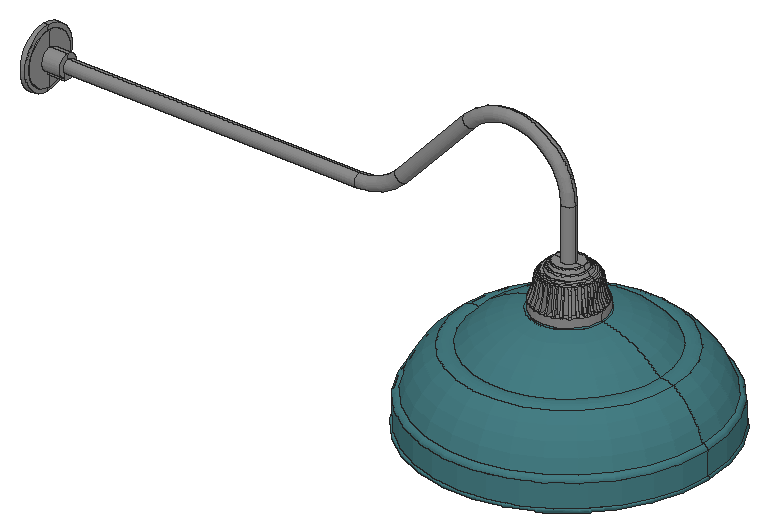
Revit family "Urban Bistro BRU 14,16,18,20,22", category Lighting Fixtures, Revit 2020 (continued)
Definition of nested family "POST MOUNT"
  Automatic sketch dimensions
    profile plane to Sweep 11 sketch curve = 0' - 0"
    Sweep 11 sketch curve to plane 6 = 0' - 0"
    Sweep 11 sketch curve to plane 6 = 0' - 8"
    plane 6 to Sweep 11 sketch curve = 2' - 4 15/16"
    Revolve 12 sketch curve to plane 6 = 0' - 0"
    Revolve 12 sketch curve to plane 6 = 0' - 2 1/4"
    Revolve 12 sketch curve to Revolve 12 sketch curve = 0' - 0 1/2"
    Revolve 12 sketch curve to Revolve 12 sketch curve = 0' - 0"
    radius of Sweep 11 sketch curve = 0' - 0 1/2"
Definition of nested family "BRU14_1"
  Parameters (values of type "BRU14_1")
    Light Elevation [instance] = 4' - 0"
    HUB [instance] = none
    Default Elevation = 0' - 0"
    Body [instance] = none
    BRU14 [instance] = yes
  Reference planes (in)
    plane 1 "Center (Front/Back)": y = 0
    plane 2: z = 0
    plane 3 "Center (Left/Right)": x = 0
    plane 4: z = 48
  Dimensions and locks (in)
    "Light Elevation": plane 4 to plane 2
    aligned and locked: plane 2 to level
    aligned and locked: plane 1 "Center (Front/Back)" to nested 1
    aligned and locked: plane 3 "Center (Left/Right)" to nested 1
    aligned and locked: plane 4 to nested 1
  Nested families (in)
    nested 1: "BRU14" at (0, 0, 38.125), visible <- "BRU14", SHADE <- "Body", HUB <- "HUB", BRU14 <- "BRU14", type "BRU14"
      with SHADE none, HUB none, BRU14 yes
  Definition of nested family "BRU14"
    Parameters (values of type "BRU14")
      SHADE [instance] = none
      HUB [instance] = none
      Default Elevation = 0' - 0"
      BRU14 [instance] = yes
    Reference planes (in)
      plane 1 "Center (Front/Back)": y = 0
      plane 2: z = 0
      plane 3 "Center (Left/Right)": x = 0
      plane 4: z = 9.875
    Forms (in)
      Revolve 1, solid, material <- "HUB"
        sketch origin (0, 0, 0) x (1, 0, 0) y (0, 0, 1)
          loop
            arc (-1.14388, 9.875) -> (-1.15912, 9.87056) -> (-1.16958, 9.85864) r 0.02837
            line (-1.16958, 9.85864) -> (-1.29313, 9.59416) -> (-1.41054, 9.59416)
            arc (-1.41054, 9.59416) -> (-1.45353, 9.58163) -> (-1.48305, 9.54797) r 0.08
            line (-1.48305, 9.54797) -> (-1.59547, 9.30689) -> (-1.79547, 9.30689)
            arc (-1.79547, 9.30689) -> (-1.84894, 9.28639) -> (-1.87501, 9.23539) r 0.08
            arc (-1.87501, 9.23539) -> (-1.89411, 9.17729) -> (-1.93534, 9.13211) r 0.14595
            arc (-1.93534, 9.13211) -> (-1.97647, 9.10191) -> (-2.01677, 9.07061) r 1.89392
            arc (-2.01677, 9.07061) -> (-2.14099, 8.88463) -> (-2.18385, 8.66511) r 0.56845
            arc (-2.18385, 8.66511) -> (-2.3223, 7.96682) -> (-2.5672, 7.29839) r 4.58402
            arc (-2.5672, 7.29839) -> (-2.59166, 7.23933) -> (-2.6, 7.17595) r 0.24491
            line (-2.6, 7.17595) -> (-2.6, 6.55689) -> (-2.28, 6.55689) -> (-2.28, 6.93689) -> (-2, 7.18689) -> (-1.74987, 8.96668)
            arc (-1.74987, 8.96668) -> (-1.66631, 9.12057) -> (-1.5023, 9.18189) r 0.25
            line (-1.5023, 9.18189) -> (-0.3125, 9.18189) -> (-0.3125, 9.875) -> (-1.14388, 9.875)
          axis (0, 9.875) -> (0, 6.55689)
        angle from 0 to 360
      Revolve 2, solid, material <- "SHADE"
        sketch origin (0, 0, 0) x (1, 0, 0) y (0, 0, 1)
          loop
            line (-2.00088, 7.16912) -> (-2.25, 6.92) -> (-2.25, 6.5) -> (-2.57824, 6.5)
            arc (-2.57824, 6.5) -> (-3.69292, 6.15618) -> (-4.66102, 5.50539) r 4
            arc (-4.66102, 5.50539) -> (-5.03878, 5.48866) -> (-5.33776, 5.25715) r 0.625
            arc (-5.33776, 5.25715) -> (-6.1259, 3.81315) -> (-6.59586, 2.23662) r 7.85162
            arc (-6.59586, 2.23662) -> (-6.81036, 2.14498) -> (-6.89438, 1.92738) r 0.3
            line (-6.89438, 1.92738) -> (-6.875, 0.25)
            arc (-6.875, 0.25) -> (-7, 0.125) -> (-6.875, 0) r 0.125
            line (-6.875, 0) -> (-6.77836, 0) -> (-6.80065, 1.92945)
            arc (-6.80065, 1.92945) -> (-6.71404, 2.10471) -> (-6.52005, 2.12896) r 0.20625
            arc (-6.52005, 2.12896) -> (-6.0569, 3.73463) -> (-5.26062, 5.20386) r 7.75787
            arc (-5.26062, 5.20386) -> (-4.98269, 5.40874) -> (-4.63753, 5.39951) r 0.53125
            arc (-4.63753, 5.39951) -> (-3.68, 6.05833) -> (-2.57101, 6.40625) r 3.90625
            line (-2.57101, 6.40625) -> (-2.15625, 6.40625) -> (-2.15625, 6.88117) -> (-1.93458, 7.10283)
            arc (-1.93458, 7.10283) -> (-1.91563, 7.14198) -> (-1.94962, 7.16912) r 0.03485
            line (-1.94962, 7.16912) -> (-2.00088, 7.16912)
          axis (0, 0) -> (0, 7.16912)
        angle from 0 to 360
      Extrusion 3, void
        sketch origin (0, 0, 0) x (1, 0, 0) y (0, 0, 1)
          loop
            arc (0.1562, 8.94175) -> (0, 9.10087) -> (-0.1562, 8.94175) r 0.15622
            arc (-0.1562, 8.94175) -> (-0.16453, 8.05868) -> (-0.1893, 7.17593) r 47.42066
            line (-0.1893, 7.17593) -> (0.1893, 7.17593)
            arc (0.1893, 7.17593) -> (0.16453, 8.05868) -> (0.1562, 8.94175) r 47.42066
        from 2.01546 to 2.60892
      Extrusion 4, void
        sketch origin (0, 0, 0) x (-1, 0, 0) y (0, 0, 1)
          loop
            arc (0.1562, 8.94175) -> (0, 9.10087) -> (-0.1562, 8.94175) r 0.15622
            arc (-0.1562, 8.94175) -> (-0.16453, 8.05868) -> (-0.1893, 7.17593) r 47.42066
            line (-0.1893, 7.17593) -> (0.1893, 7.17593)
            arc (0.1893, 7.17593) -> (0.16453, 8.05868) -> (0.1562, 8.94175) r 47.42066
        from 2.01546 to 2.60892
      Extrusion 5, void
        sketch origin (0, 0, 0) x (0.980785, 0.19509, 0) y (0, 0, 1)
          loop
            arc (0.1562, 8.94175) -> (0, 9.10087) -> (-0.1562, 8.94175) r 0.15622
            arc (-0.1562, 8.94175) -> (-0.16453, 8.05868) -> (-0.1893, 7.17593) r 47.42066
            line (-0.1893, 7.17593) -> (0.1893, 7.17593)
            arc (0.1893, 7.17593) -> (0.16453, 8.05868) -> (0.1562, 8.94175) r 47.42066
        from 2.01546 to 2.60892
      Extrusion 6, void
        sketch origin (0, 0, 0) x (-0.980785, -0.19509, 0) y (0, 0, 1)
          loop
            arc (0.1562, 8.94175) -> (0, 9.10087) -> (-0.1562, 8.94175) r 0.15622
            arc (-0.1562, 8.94175) -> (-0.16453, 8.05868) -> (-0.1893, 7.17593) r 47.42066
            line (-0.1893, 7.17593) -> (0.1893, 7.17593)
            arc (0.1893, 7.17593) -> (0.16453, 8.05868) -> (0.1562, 8.94175) r 47.42066
        from 2.01546 to 2.60892
      Extrusion 7, void
        sketch origin (0, 0, 0) x (0.92388, 0.382683, 0) y (0, 0, 1)
          loop
            arc (0.1562, 8.94175) -> (0, 9.10087) -> (-0.1562, 8.94175) r 0.15622
            arc (-0.1562, 8.94175) -> (-0.16453, 8.05868) -> (-0.1893, 7.17593) r 47.42066
            line (-0.1893, 7.17593) -> (0.1893, 7.17593)
            arc (0.1893, 7.17593) -> (0.16453, 8.05868) -> (0.1562, 8.94175) r 47.42066
        from 2.01546 to 2.60892
      Extrusion 8, void
        sketch origin (0, 0, 0) x (-0.92388, -0.382683, 0) y (0, 0, 1)
          loop
            arc (0.1562, 8.94175) -> (0, 9.10087) -> (-0.1562, 8.94175) r 0.15622
            arc (-0.1562, 8.94175) -> (-0.16453, 8.05868) -> (-0.1893, 7.17593) r 47.42066
            line (-0.1893, 7.17593) -> (0.1893, 7.17593)
            arc (0.1893, 7.17593) -> (0.16453, 8.05868) -> (0.1562, 8.94175) r 47.42066
        from 2.01546 to 2.60892
      Extrusion 9, void
        sketch origin (0, 0, 0) x (0.83147, 0.55557, 0) y (0, 0, 1)
          loop
            arc (0.1562, 8.94175) -> (0, 9.10087) -> (-0.1562, 8.94175) r 0.15622
            arc (-0.1562, 8.94175) -> (-0.16453, 8.05868) -> (-0.1893, 7.17593) r 47.42066
            line (-0.1893, 7.17593) -> (0.1893, 7.17593)
            arc (0.1893, 7.17593) -> (0.16453, 8.05868) -> (0.1562, 8.94175) r 47.42066
        from 2.01546 to 2.60892
      Extrusion 10, void
        sketch origin (0, 0, 0) x (-0.83147, -0.55557, 0) y (0, 0, 1)
          loop
            arc (0.1562, 8.94175) -> (0, 9.10087) -> (-0.1562, 8.94175) r 0.15622
            arc (-0.1562, 8.94175) -> (-0.16453, 8.05868) -> (-0.1893, 7.17593) r 47.42066
            line (-0.1893, 7.17593) -> (0.1893, 7.17593)
            arc (0.1893, 7.17593) -> (0.16453, 8.05868) -> (0.1562, 8.94175) r 47.42066
        from 2.01546 to 2.60892
      Extrusion 11, void
        sketch origin (0, 0, 0) x (0.707107, 0.707107, 0) y (0, 0, 1)
          loop
            arc (0.1562, 8.94175) -> (0, 9.10087) -> (-0.1562, 8.94175) r 0.15622
            arc (-0.1562, 8.94175) -> (-0.16453, 8.05868) -> (-0.1893, 7.17593) r 47.42066
            line (-0.1893, 7.17593) -> (0.1893, 7.17593)
            arc (0.1893, 7.17593) -> (0.16453, 8.05868) -> (0.1562, 8.94175) r 47.42066
        from 2.01546 to 2.60892
      Extrusion 12, void
        sketch origin (0, 0, 0) x (-0.707107, -0.707107, 0) y (0, 0, 1)
          loop
            arc (0.1562, 8.94175) -> (0, 9.10087) -> (-0.1562, 8.94175) r 0.15622
            arc (-0.1562, 8.94175) -> (-0.16453, 8.05868) -> (-0.1893, 7.17593) r 47.42066
            line (-0.1893, 7.17593) -> (0.1893, 7.17593)
            arc (0.1893, 7.17593) -> (0.16453, 8.05868) -> (0.1562, 8.94175) r 47.42066
        from 2.01546 to 2.60892
      Extrusion 13, void
        sketch origin (0, 0, 0) x (0.980785, -0.19509, 0) y (0, 0, 1)
          loop
            arc (0.1562, 8.94175) -> (0, 9.10087) -> (-0.1562, 8.94175) r 0.15622
            arc (-0.1562, 8.94175) -> (-0.16453, 8.05868) -> (-0.1893, 7.17593) r 47.42066
            line (-0.1893, 7.17593) -> (0.1893, 7.17593)
            arc (0.1893, 7.17593) -> (0.16453, 8.05868) -> (0.1562, 8.94175) r 47.42066
        from 2.01546 to 2.60892
      Extrusion 14, void
        sketch origin (0, 0, 0) x (-0.980785, 0.19509, 0) y (0, 0, 1)
          loop
            arc (0.1562, 8.94175) -> (0, 9.10087) -> (-0.1562, 8.94175) r 0.15622
            arc (-0.1562, 8.94175) -> (-0.16453, 8.05868) -> (-0.1893, 7.17593) r 47.42066
            line (-0.1893, 7.17593) -> (0.1893, 7.17593)
            arc (0.1893, 7.17593) -> (0.16453, 8.05868) -> (0.1562, 8.94175) r 47.42066
        from 2.01546 to 2.60892
      Extrusion 15, void
        sketch origin (0, 0, 0) x (0.92388, -0.382683, 0) y (0, 0, 1)
          loop
            arc (0.1562, 8.94175) -> (0, 9.10087) -> (-0.1562, 8.94175) r 0.15622
            arc (-0.1562, 8.94175) -> (-0.16453, 8.05868) -> (-0.1893, 7.17593) r 47.42066
            line (-0.1893, 7.17593) -> (0.1893, 7.17593)
            arc (0.1893, 7.17593) -> (0.16453, 8.05868) -> (0.1562, 8.94175) r 47.42066
        from 2.01546 to 2.60892
      Extrusion 16, void
        sketch origin (0, 0, 0) x (-0.92388, 0.382683, 0) y (0, 0, 1)
          loop
            arc (0.1562, 8.94175) -> (0, 9.10087) -> (-0.1562, 8.94175) r 0.15622
            arc (-0.1562, 8.94175) -> (-0.16453, 8.05868) -> (-0.1893, 7.17593) r 47.42066
            line (-0.1893, 7.17593) -> (0.1893, 7.17593)
            arc (0.1893, 7.17593) -> (0.16453, 8.05868) -> (0.1562, 8.94175) r 47.42066
        from 2.01546 to 2.60892
      Extrusion 17, void
        sketch origin (0, 0, 0) x (0.83147, -0.55557, 0) y (0, 0, 1)
          loop
            arc (0.1562, 8.94175) -> (0, 9.10087) -> (-0.1562, 8.94175) r 0.15622
            arc (-0.1562, 8.94175) -> (-0.16453, 8.05868) -> (-0.1893, 7.17593) r 47.42066
            line (-0.1893, 7.17593) -> (0.1893, 7.17593)
            arc (0.1893, 7.17593) -> (0.16453, 8.05868) -> (0.1562, 8.94175) r 47.42066
        from 2.01546 to 2.60892
      Extrusion 18, void
        sketch origin (0, 0, 0) x (-0.83147, 0.55557, 0) y (0, 0, 1)
          loop
            arc (0.1562, 8.94175) -> (0, 9.10087) -> (-0.1562, 8.94175) r 0.15622
            arc (-0.1562, 8.94175) -> (-0.16453, 8.05868) -> (-0.1893, 7.17593) r 47.42066
            line (-0.1893, 7.17593) -> (0.1893, 7.17593)
            arc (0.1893, 7.17593) -> (0.16453, 8.05868) -> (0.1562, 8.94175) r 47.42066
        from 2.01546 to 2.60892
      Extrusion 19, void
        sketch origin (0, 0, 0) x (0.707107, -0.707107, 0) y (0, 0, 1)
          loop
            arc (0.1562, 8.94175) -> (0, 9.10087) -> (-0.1562, 8.94175) r 0.15622
            arc (-0.1562, 8.94175) -> (-0.16453, 8.05868) -> (-0.1893, 7.17593) r 47.42066
            line (-0.1893, 7.17593) -> (0.1893, 7.17593)
            arc (0.1893, 7.17593) -> (0.16453, 8.05868) -> (0.1562, 8.94175) r 47.42066
        from 2.01546 to 2.60892
      Extrusion 20, void
        sketch origin (0, 0, 0) x (-0.707107, 0.707107, 0) y (0, 0, 1)
          loop
            arc (0.1562, 8.94175) -> (0, 9.10087) -> (-0.1562, 8.94175) r 0.15622
            arc (-0.1562, 8.94175) -> (-0.16453, 8.05868) -> (-0.1893, 7.17593) r 47.42066
            line (-0.1893, 7.17593) -> (0.1893, 7.17593)
            arc (0.1893, 7.17593) -> (0.16453, 8.05868) -> (0.1562, 8.94175) r 47.42066
        from 2.01546 to 2.60892
      Extrusion 21, void
        sketch origin (-0.00391, 0, 0) x (0.382683, -0.92388, 0) y (0, 0, 1)
          loop
            arc (0.1562, 8.94175) -> (0, 9.10087) -> (-0.1562, 8.94175) r 0.15622
            arc (-0.1562, 8.94175) -> (-0.16453, 8.05868) -> (-0.1893, 7.17593) r 47.42066
            line (-0.1893, 7.17593) -> (0.1893, 7.17593)
            arc (0.1893, 7.17593) -> (0.16453, 8.05868) -> (0.1562, 8.94175) r 47.42066
        from 2.02883 to 2.60892
      Extrusion 22, void
        sketch origin (0, 0, 0) x (-0.382683, 0.92388, 0) y (0, 0, 1)
          loop
            arc (0.1562, 8.94175) -> (0, 9.10087) -> (-0.1562, 8.94175) r 0.15622
            arc (-0.1562, 8.94175) -> (-0.16453, 8.05868) -> (-0.1893, 7.17593) r 47.42066
            line (-0.1893, 7.17593) -> (0.1893, 7.17593)
            arc (0.1893, 7.17593) -> (0.16453, 8.05868) -> (0.1562, 8.94175) r 47.42066
        from 2.03251 to 2.60892
      Extrusion 23, void
        sketch origin (-0.00391, 0, 0) x (0.19509, -0.980785, 0) y (0, 0, 1)
          loop
            arc (0.1562, 8.94175) -> (0, 9.10087) -> (-0.1562, 8.94175) r 0.15622
            arc (-0.1562, 8.94175) -> (-0.16453, 8.05868) -> (-0.1893, 7.17593) r 47.42066
            line (-0.1893, 7.17593) -> (0.1893, 7.17593)
            arc (0.1893, 7.17593) -> (0.16453, 8.05868) -> (0.1562, 8.94175) r 47.42066
        from 2.02341 to 2.60892
      Extrusion 24, void
        sketch origin (0, 0, 0) x (-0.19509, 0.980785, 0) y (0, 0, 1)
          loop
            arc (0.1562, 8.94175) -> (0, 9.10087) -> (-0.1562, 8.94175) r 0.15622
            arc (-0.1562, 8.94175) -> (-0.16453, 8.05868) -> (-0.1893, 7.17593) r 47.42066
            line (-0.1893, 7.17593) -> (0.1893, 7.17593)
            arc (0.1893, 7.17593) -> (0.16453, 8.05868) -> (0.1562, 8.94175) r 47.42066
        from 2.04196 to 2.60892
      Extrusion 25, void
        sketch origin (0, 0, 0) x (0.55557, 0.83147, 0) y (0, 0, 1)
          loop
            arc (0.1562, 8.94175) -> (0, 9.10087) -> (-0.1562, 8.94175) r 0.15622
            arc (-0.1562, 8.94175) -> (-0.16453, 8.05868) -> (-0.1893, 7.17593) r 47.42066
            line (-0.1893, 7.17593) -> (0.1893, 7.17593)
            arc (0.1893, 7.17593) -> (0.16453, 8.05868) -> (0.1562, 8.94175) r 47.42066
        from 2.02974 to 2.60892
      Extrusion 26, void
        sketch origin (0, 0, 0) x (-0.55557, -0.83147, 0) y (0, 0, 1)
          loop
            arc (0.1562, 8.94175) -> (0, 9.10087) -> (-0.1562, 8.94175) r 0.15622
            arc (-0.1562, 8.94175) -> (-0.16453, 8.05868) -> (-0.1893, 7.17593) r 47.42066
            line (-0.1893, 7.17593) -> (0.1893, 7.17593)
            arc (0.1893, 7.17593) -> (0.16453, 8.05868) -> (0.1562, 8.94175) r 47.42066
        from 2.03706 to 2.60892
      Extrusion 27, void
        sketch origin (0, 0, 0) x (0.382683, 0.92388, 0) y (0, 0, 1)
          loop
            arc (0.1562, 8.94175) -> (0, 9.10087) -> (-0.1562, 8.94175) r 0.15622
            arc (-0.1562, 8.94175) -> (-0.16453, 8.05868) -> (-0.1893, 7.17593) r 47.42066
            line (-0.1893, 7.17593) -> (0.1893, 7.17593)
            arc (0.1893, 7.17593) -> (0.16453, 8.05868) -> (0.1562, 8.94175) r 47.42066
        from 2.03226 to 2.60892
      Extrusion 28, void
        sketch origin (0, 0, 0) x (-0.382683, -0.92388, 0) y (0, 0, 1)
          loop
            arc (0.1562, 8.94175) -> (0, 9.10087) -> (-0.1562, 8.94175) r 0.15622
            arc (-0.1562, 8.94175) -> (-0.16453, 8.05868) -> (-0.1893, 7.17593) r 47.42066
            line (-0.1893, 7.17593) -> (0.1893, 7.17593)
            arc (0.1893, 7.17593) -> (0.16453, 8.05868) -> (0.1562, 8.94175) r 47.42066
        from 2.03901 to 2.60892
      Extrusion 29, void
        sketch origin (0, 0, 0) x (0.19509, 0.980785, 0) y (0, 0, 1)
          loop
            arc (0.1562, 8.94175) -> (0, 9.10087) -> (-0.1562, 8.94175) r 0.15622
            arc (-0.1562, 8.94175) -> (-0.16453, 8.05868) -> (-0.1893, 7.17593) r 47.42066
            line (-0.1893, 7.17593) -> (0.1893, 7.17593)
            arc (0.1893, 7.17593) -> (0.16453, 8.05868) -> (0.1562, 8.94175) r 47.42066
        from 2.03393 to 2.60892
      Extrusion 30, void
        sketch origin (0, 0, 0) x (-0.19509, -0.980785, 0) y (0, 0, 1)
          loop
            arc (0.1562, 8.94175) -> (0, 9.10087) -> (-0.1562, 8.94175) r 0.15622
            arc (-0.1562, 8.94175) -> (-0.16453, 8.05868) -> (-0.1893, 7.17593) r 47.42066
            line (-0.1893, 7.17593) -> (0.1893, 7.17593)
            arc (0.1893, 7.17593) -> (0.16453, 8.05868) -> (0.1562, 8.94175) r 47.42066
        from 2.0371 to 2.60892
      Extrusion 31, void
        sketch origin (0, 0, 0) x (0, 1, 0) y (0, 0, 1)
          loop
            arc (0.1562, 8.94175) -> (0, 9.10087) -> (-0.1562, 8.94175) r 0.15622
            arc (-0.1562, 8.94175) -> (-0.16453, 8.05868) -> (-0.1893, 7.17593) r 47.42066
            line (-0.1893, 7.17593) -> (0.1893, 7.17593)
            arc (0.1893, 7.17593) -> (0.16453, 8.05868) -> (0.1562, 8.94175) r 47.42066
        from 2.04193 to 2.60892
      Extrusion 32, void
        sketch origin (0, 0, 0) x (0, -1, 0) y (0, 0, 1)
          loop
            arc (0.1562, 8.94175) -> (0, 9.10087) -> (-0.1562, 8.94175) r 0.15622
            arc (-0.1562, 8.94175) -> (-0.16453, 8.05868) -> (-0.1893, 7.17593) r 47.42066
            line (-0.1893, 7.17593) -> (0.1893, 7.17593)
            arc (0.1893, 7.17593) -> (0.16453, 8.05868) -> (0.1562, 8.94175) r 47.42066
        from 2.03697 to 2.60892
      Extrusion 33, void
        sketch origin (0, 0, 0) x (0.55557, -0.83147, 0) y (0, 0, 1)
          loop
            arc (0.1562, 8.94175) -> (0, 9.10087) -> (-0.1562, 8.94175) r 0.15622
            arc (-0.1562, 8.94175) -> (-0.16453, 8.05868) -> (-0.1893, 7.17593) r 47.42066
            line (-0.1893, 7.17593) -> (0.1893, 7.17593)
            arc (0.1893, 7.17593) -> (0.16453, 8.05868) -> (0.1562, 8.94175) r 47.42066
        from 2.03636 to 2.60892
      Extrusion 34, void
        sketch origin (0, 0, 0) x (-0.55557, 0.83147, 0) y (0, 0, 1)
          loop
            arc (0.1562, 8.94175) -> (0, 9.10087) -> (-0.1562, 8.94175) r 0.15622
            arc (-0.1562, 8.94175) -> (-0.16453, 8.05868) -> (-0.1893, 7.17593) r 47.42066
            line (-0.1893, 7.17593) -> (0.1893, 7.17593)
            arc (0.1893, 7.17593) -> (0.16453, 8.05868) -> (0.1562, 8.94175) r 47.42066
        from 2.03457 to 2.60892
    Cuts and joins
      Extrusion 3, Extrusion 4, Extrusion 5, Extrusion 6, Extrusion 7, Extrusion 8, Extrusion 9, Extrusion 10, Extrusion 11, Extrusion 12, Extrusion 13, Extrusion 14, Extrusion 15, Extrusion 16, Extrusion 17, Extrusion 18, Extrusion 19, Extrusion 20, Extrusion 21, Extrusion 22, Extrusion 23, Extrusion 24, Extrusion 25, Extrusion 26, Extrusion 27, Extrusion 28, Extrusion 29, Extrusion 30, Extrusion 31, Extrusion 32, Extrusion 33, Extrusion 34 cuts Revolve 1
      Extrusion 23, Extrusion 33 cuts Revolve 2
    Dimensions and locks (in)
      aligned and locked: plane 2 to level
      aligned and locked: cut or joined group of Revolve 1, Extrusion 3, Extrusion 4, Extrusion 5, Extrusion 6, Extrusion 7, Extrusion 8, Extrusion 9, Extrusion 10, Extrusion 11, Extrusion 12, Extrusion 13, Extrusion 14, Extrusion 15, Extrusion 16, Extrusion 17, Extrusion 18, Extrusion 19, Extrusion 20, Extrusion 21, Extrusion 22, Extrusion 23, Extrusion 24, Extrusion 25, Extrusion 26, Extrusion 27, Extrusion 28, Extrusion 29, Extrusion 30, Extrusion 31, Extrusion 32, Extrusion 33, Extrusion 34 to plane 4
Definition of nested family "BRU16_1"
  Parameters (values of type "BRU16_1")
    Light Elevation [instance] = 4' - 0"
    HUB [instance] = none
    Default Elevation = 0' - 0"
    Body [instance] = none
    BRU16 [instance] = yes
  Reference planes (in)
    plane 1 "Center (Front/Back)": y = 0
    plane 2: z = 0
    plane 3 "Center (Left/Right)": x = 0
    plane 4: z = 48
  Dimensions and locks (in)
    "Light Elevation": plane 4 to plane 2
    aligned and locked: plane 2 to level
    aligned and locked: plane 1 "Center (Front/Back)" to nested 1
    aligned and locked: plane 3 "Center (Left/Right)" to nested 1
    aligned and locked: plane 4 to nested 1
  Nested families (in)
    nested 1: "BRU18" at (0, 0, 37.5), visible <- "BRU16", SHADE <- "Body", HUB <- "HUB", BRU16 <- "BRU16", type "BRU18"
      with SHADE none, HUB none
  Definition of nested family "BRU18"
    Parameters (values of type "BRU18")
      SHADE [instance] = none
      HUB [instance] = none
      Default Elevation = 0' - 0"
      BRU16 [instance] = yes
    Reference planes (in)
      plane 1 "Center (Front/Back)": y = 0
      plane 2: z = 0
      plane 3 "Center (Left/Right)": x = 0
      plane 4: z = 10.5
    Forms (in)
      Revolve 1, solid, material <- "HUB", visible <- "BRU16"
        sketch origin (0, 0, 0.63091) x (1, 0, 0) y (0, 0, 1)
          loop
            arc (-1.14693, 9.86888) -> (-1.162, 9.86449) -> (-1.17236, 9.8527) r 0.02806
            line (-1.17236, 9.8527) -> (-1.378, 9.41248) -> (-1.49526, 9.41248)
            arc (-1.49526, 9.41248) -> (-1.53825, 9.39995) -> (-1.56777, 9.36629) r 0.08
            line (-1.56777, 9.36629) -> (-1.61276, 9.2698) -> (-1.79547, 9.2698)
            arc (-1.79547, 9.2698) -> (-1.84894, 9.2493) -> (-1.87501, 9.19831) r 0.08
            arc (-1.87501, 9.19831) -> (-1.89411, 9.1402) -> (-1.93534, 9.09503) r 0.14595
            arc (-1.93534, 9.09503) -> (-2.02104, 9.0301) -> (-2.10291, 8.96042) r 1.89392
            arc (-2.10291, 8.96042) -> (-2.16364, 8.81832) -> (-2.18385, 8.66511) r 0.56845
            arc (-2.18385, 8.66511) -> (-2.3223, 7.96682) -> (-2.5672, 7.29839) r 4.58402
            arc (-2.5672, 7.29839) -> (-2.59166, 7.23933) -> (-2.6, 7.17595) r 0.24491
            line (-2.6, 7.17595) -> (-2.6, 6.55689) -> (-2.28, 6.55689) -> (-2.28, 6.93689) -> (-2, 7.18689) -> (-1.74987, 8.96668)
            arc (-1.74987, 8.96668) -> (-1.66631, 9.12057) -> (-1.5023, 9.18189) r 0.25
            line (-1.5023, 9.18189) -> (-0.3125, 9.18189) -> (-0.3125, 9.86888) -> (-1.14693, 9.86888)
          axis (0, 9.86888) -> (0, 6.55689)
        angle from 0 to 360
      Extrusion 2, void
        sketch origin (0, 0, 0.63091) x (1, 0, 0) y (0, 0, 1)
          loop
            arc (0.1562, 8.94175) -> (0, 9.10087) -> (-0.1562, 8.94175) r 0.15622
            arc (-0.1562, 8.94175) -> (-0.16453, 8.05868) -> (-0.1893, 7.17593) r 47.42066
            line (-0.1893, 7.17593) -> (0.1893, 7.17593)
            arc (0.1893, 7.17593) -> (0.16453, 8.05868) -> (0.1562, 8.94175) r 47.42066
        from 2.01546 to 2.60892
      Extrusion 3, void
        sketch origin (0, 0, 0.63091) x (-1, 0, 0) y (0, 0, 1)
          loop
            arc (0.1562, 8.94175) -> (0, 9.10087) -> (-0.1562, 8.94175) r 0.15622
            arc (-0.1562, 8.94175) -> (-0.16453, 8.05868) -> (-0.1893, 7.17593) r 47.42066
            line (-0.1893, 7.17593) -> (0.1893, 7.17593)
            arc (0.1893, 7.17593) -> (0.16453, 8.05868) -> (0.1562, 8.94175) r 47.42066
        from 2.04762 to 2.60892
      Extrusion 4, void
        sketch origin (0, 0, 0.63091) x (0.980785, 0.19509, 0) y (0, 0, 1)
          loop
            arc (0.1562, 8.94175) -> (0, 9.10087) -> (-0.1562, 8.94175) r 0.15622
            arc (-0.1562, 8.94175) -> (-0.16453, 8.05868) -> (-0.1893, 7.17593) r 47.42066
            line (-0.1893, 7.17593) -> (0.1893, 7.17593)
            arc (0.1893, 7.17593) -> (0.16453, 8.05868) -> (0.1562, 8.94175) r 47.42066
        from 2.01546 to 2.60892
      Extrusion 5, void
        sketch origin (0, 0, 0.63091) x (-0.980785, -0.19509, 0) y (0, 0, 1)
          loop
            arc (0.1562, 8.94175) -> (0, 9.10087) -> (-0.1562, 8.94175) r 0.15622
            arc (-0.1562, 8.94175) -> (-0.16453, 8.05868) -> (-0.1893, 7.17593) r 47.42066
            line (-0.1893, 7.17593) -> (0.1893, 7.17593)
            arc (0.1893, 7.17593) -> (0.16453, 8.05868) -> (0.1562, 8.94175) r 47.42066
        from 2.04156 to 2.60892
      Extrusion 6, void
        sketch origin (0, 0, 0.63091) x (0.92388, 0.382683, 0) y (0, 0, 1)
          loop
            arc (0.1562, 8.94175) -> (0, 9.10087) -> (-0.1562, 8.94175) r 0.15622
            arc (-0.1562, 8.94175) -> (-0.16453, 8.05868) -> (-0.1893, 7.17593) r 47.42066
            line (-0.1893, 7.17593) -> (0.1893, 7.17593)
            arc (0.1893, 7.17593) -> (0.16453, 8.05868) -> (0.1562, 8.94175) r 47.42066
        from 2.01546 to 2.60892
      Extrusion 7, void
        sketch origin (0, 0, 0.63091) x (-0.92388, -0.382683, 0) y (0, 0, 1)
          loop
            arc (0.1562, 8.94175) -> (0, 9.10087) -> (-0.1562, 8.94175) r 0.15622
            arc (-0.1562, 8.94175) -> (-0.16453, 8.05868) -> (-0.1893, 7.17593) r 47.42066
            line (-0.1893, 7.17593) -> (0.1893, 7.17593)
            arc (0.1893, 7.17593) -> (0.16453, 8.05868) -> (0.1562, 8.94175) r 47.42066
        from 2.03658 to 2.60892
      Extrusion 8, void
        sketch origin (0, 0, 0.63091) x (0.83147, 0.55557, 0) y (0, 0, 1)
          loop
            arc (0.1562, 8.94175) -> (0, 9.10087) -> (-0.1562, 8.94175) r 0.15622
            arc (-0.1562, 8.94175) -> (-0.16453, 8.05868) -> (-0.1893, 7.17593) r 47.42066
            line (-0.1893, 7.17593) -> (0.1893, 7.17593)
            arc (0.1893, 7.17593) -> (0.16453, 8.05868) -> (0.1562, 8.94175) r 47.42066
        from 2.01546 to 2.60892
      Extrusion 9, void
        sketch origin (0, 0, 0.63091) x (-0.83147, -0.55557, 0) y (0, 0, 1)
          loop
            arc (0.1562, 8.94175) -> (0, 9.10087) -> (-0.1562, 8.94175) r 0.15622
            arc (-0.1562, 8.94175) -> (-0.16453, 8.05868) -> (-0.1893, 7.17593) r 47.42066
            line (-0.1893, 7.17593) -> (0.1893, 7.17593)
            arc (0.1893, 7.17593) -> (0.16453, 8.05868) -> (0.1562, 8.94175) r 47.42066
        from 2.01546 to 2.60892
      Extrusion 10, void
        sketch origin (0, 0, 0.63091) x (0.707107, 0.707107, 0) y (0, 0, 1)
          loop
            arc (0.1562, 8.94175) -> (0, 9.10087) -> (-0.1562, 8.94175) r 0.15622
            arc (-0.1562, 8.94175) -> (-0.16453, 8.05868) -> (-0.1893, 7.17593) r 47.42066
            line (-0.1893, 7.17593) -> (0.1893, 7.17593)
            arc (0.1893, 7.17593) -> (0.16453, 8.05868) -> (0.1562, 8.94175) r 47.42066
        from 2.01546 to 2.60892
      Extrusion 11, void
        sketch origin (0, 0, 0.63091) x (-0.707107, -0.707107, 0) y (0, 0, 1)
          loop
            arc (0.1562, 8.94175) -> (0, 9.10087) -> (-0.1562, 8.94175) r 0.15622
            arc (-0.1562, 8.94175) -> (-0.16453, 8.05868) -> (-0.1893, 7.17593) r 47.42066
            line (-0.1893, 7.17593) -> (0.1893, 7.17593)
            arc (0.1893, 7.17593) -> (0.16453, 8.05868) -> (0.1562, 8.94175) r 47.42066
        from 2.01546 to 2.60892
      Extrusion 12, void
        sketch origin (0, 0, 0.63091) x (0.980785, -0.19509, 0) y (0, 0, 1)
          loop
            arc (0.1562, 8.94175) -> (0, 9.10087) -> (-0.1562, 8.94175) r 0.15622
            arc (-0.1562, 8.94175) -> (-0.16453, 8.05868) -> (-0.1893, 7.17593) r 47.42066
            line (-0.1893, 7.17593) -> (0.1893, 7.17593)
            arc (0.1893, 7.17593) -> (0.16453, 8.05868) -> (0.1562, 8.94175) r 47.42066
        from 2.01546 to 2.60892
      Extrusion 13, void
        sketch origin (0, 0, 0.63091) x (-0.980785, 0.19509, 0) y (0, 0, 1)
          loop
            arc (0.1562, 8.94175) -> (0, 9.10087) -> (-0.1562, 8.94175) r 0.15622
            arc (-0.1562, 8.94175) -> (-0.16453, 8.05868) -> (-0.1893, 7.17593) r 47.42066
            line (-0.1893, 7.17593) -> (0.1893, 7.17593)
            arc (0.1893, 7.17593) -> (0.16453, 8.05868) -> (0.1562, 8.94175) r 47.42066
        from 2.04452 to 2.60892
      Extrusion 14, void
        sketch origin (0, 0, 0.63091) x (0.92388, -0.382683, 0) y (0, 0, 1)
          loop
            arc (0.1562, 8.94175) -> (0, 9.10087) -> (-0.1562, 8.94175) r 0.15622
            arc (-0.1562, 8.94175) -> (-0.16453, 8.05868) -> (-0.1893, 7.17593) r 47.42066
            line (-0.1893, 7.17593) -> (0.1893, 7.17593)
            arc (0.1893, 7.17593) -> (0.16453, 8.05868) -> (0.1562, 8.94175) r 47.42066
        from 2.01546 to 2.60892
      Extrusion 15, void
        sketch origin (0, 0, 0.63091) x (-0.92388, 0.382683, 0) y (0, 0, 1)
          loop
            arc (0.1562, 8.94175) -> (0, 9.10087) -> (-0.1562, 8.94175) r 0.15622
            arc (-0.1562, 8.94175) -> (-0.16453, 8.05868) -> (-0.1893, 7.17593) r 47.42066
            line (-0.1893, 7.17593) -> (0.1893, 7.17593)
            arc (0.1893, 7.17593) -> (0.16453, 8.05868) -> (0.1562, 8.94175) r 47.42066
        from 2.04331 to 2.60892
      Extrusion 16, void
        sketch origin (0, 0, 0.63091) x (0.83147, -0.55557, 0) y (0, 0, 1)
          loop
            arc (0.1562, 8.94175) -> (0, 9.10087) -> (-0.1562, 8.94175) r 0.15622
            arc (-0.1562, 8.94175) -> (-0.16453, 8.05868) -> (-0.1893, 7.17593) r 47.42066
            line (-0.1893, 7.17593) -> (0.1893, 7.17593)
            arc (0.1893, 7.17593) -> (0.16453, 8.05868) -> (0.1562, 8.94175) r 47.42066
        from 2.0262 to 2.60892
      Extrusion 17, void
        sketch origin (0, 0, 0.63091) x (-0.83147, 0.55557, 0) y (0, 0, 1)
          loop
            arc (0.1562, 8.94175) -> (0, 9.10087) -> (-0.1562, 8.94175) r 0.15622
            arc (-0.1562, 8.94175) -> (-0.16453, 8.05868) -> (-0.1893, 7.17593) r 47.42066
            line (-0.1893, 7.17593) -> (0.1893, 7.17593)
            arc (0.1893, 7.17593) -> (0.16453, 8.05868) -> (0.1562, 8.94175) r 47.42066
        from 2.04654 to 2.60892
      Extrusion 18, void
        sketch origin (0, 0, 0.63091) x (0.707107, -0.707107, 0) y (0, 0, 1)
          loop
            arc (0.1562, 8.94175) -> (0, 9.10087) -> (-0.1562, 8.94175) r 0.15622
            arc (-0.1562, 8.94175) -> (-0.16453, 8.05868) -> (-0.1893, 7.17593) r 47.42066
            line (-0.1893, 7.17593) -> (0.1893, 7.17593)
            arc (0.1893, 7.17593) -> (0.16453, 8.05868) -> (0.1562, 8.94175) r 47.42066
        from 2.01546 to 2.60892
      Extrusion 19, void
        sketch origin (0, 0, 0.63091) x (-0.707107, 0.707107, 0) y (0, 0, 1)
          loop
            arc (0.1562, 8.94175) -> (0, 9.10087) -> (-0.1562, 8.94175) r 0.15622
            arc (-0.1562, 8.94175) -> (-0.16453, 8.05868) -> (-0.1893, 7.17593) r 47.42066
            line (-0.1893, 7.17593) -> (0.1893, 7.17593)
            arc (0.1893, 7.17593) -> (0.16453, 8.05868) -> (0.1562, 8.94175) r 47.42066
        from 2.05244 to 2.60892
      Extrusion 20, void
        sketch origin (-0.00391, 0, 0.63091) x (0.382683, -0.92388, 0) y (0, 0, 1)
          loop
            arc (0.1562, 8.94175) -> (0, 9.10087) -> (-0.1562, 8.94175) r 0.15622
            arc (-0.1562, 8.94175) -> (-0.16453, 8.05868) -> (-0.1893, 7.17593) r 47.42066
            line (-0.1893, 7.17593) -> (0.1893, 7.17593)
            arc (0.1893, 7.17593) -> (0.16453, 8.05868) -> (0.1562, 8.94175) r 47.42066
        from 2.02883 to 2.60892
      Extrusion 21, void
        sketch origin (0, 0, 0.63091) x (-0.382683, 0.92388, 0) y (0, 0, 1)
          loop
            arc (0.1562, 8.94175) -> (0, 9.10087) -> (-0.1562, 8.94175) r 0.15622
            arc (-0.1562, 8.94175) -> (-0.16453, 8.05868) -> (-0.1893, 7.17593) r 47.42066
            line (-0.1893, 7.17593) -> (0.1893, 7.17593)
            arc (0.1893, 7.17593) -> (0.16453, 8.05868) -> (0.1562, 8.94175) r 47.42066
        from 2.03251 to 2.60892
      Extrusion 22, void
        sketch origin (-0.00391, 0, 0.63091) x (0.19509, -0.980785, 0) y (0, 0, 1)
          loop
            arc (0.1562, 8.94175) -> (0, 9.10087) -> (-0.1562, 8.94175) r 0.15622
            arc (-0.1562, 8.94175) -> (-0.16453, 8.05868) -> (-0.1893, 7.17593) r 47.42066
            line (-0.1893, 7.17593) -> (0.1893, 7.17593)
            arc (0.1893, 7.17593) -> (0.16453, 8.05868) -> (0.1562, 8.94175) r 47.42066
        from 2.02341 to 2.60892
      Extrusion 23, void
        sketch origin (0, 0, 0.63091) x (-0.19509, 0.980785, 0) y (0, 0, 1)
          loop
            arc (0.1562, 8.94175) -> (0, 9.10087) -> (-0.1562, 8.94175) r 0.15622
            arc (-0.1562, 8.94175) -> (-0.16453, 8.05868) -> (-0.1893, 7.17593) r 47.42066
            line (-0.1893, 7.17593) -> (0.1893, 7.17593)
            arc (0.1893, 7.17593) -> (0.16453, 8.05868) -> (0.1562, 8.94175) r 47.42066
        from 2.04196 to 2.60892
      Extrusion 24, void
        sketch origin (0, 0, 0.63091) x (0.55557, 0.83147, 0) y (0, 0, 1)
          loop
            arc (0.1562, 8.94175) -> (0, 9.10087) -> (-0.1562, 8.94175) r 0.15622
            arc (-0.1562, 8.94175) -> (-0.16453, 8.05868) -> (-0.1893, 7.17593) r 47.42066
            line (-0.1893, 7.17593) -> (0.1893, 7.17593)
            arc (0.1893, 7.17593) -> (0.16453, 8.05868) -> (0.1562, 8.94175) r 47.42066
        from 2.02974 to 2.60892
      Extrusion 25, void
        sketch origin (0, 0, 0.63091) x (-0.55557, -0.83147, 0) y (0, 0, 1)
          loop
            arc (0.1562, 8.94175) -> (0, 9.10087) -> (-0.1562, 8.94175) r 0.15622
            arc (-0.1562, 8.94175) -> (-0.16453, 8.05868) -> (-0.1893, 7.17593) r 47.42066
            line (-0.1893, 7.17593) -> (0.1893, 7.17593)
            arc (0.1893, 7.17593) -> (0.16453, 8.05868) -> (0.1562, 8.94175) r 47.42066
        from 2.03706 to 2.60892
      Extrusion 26, void
        sketch origin (0, 0, 0.63091) x (0.382683, 0.92388, 0) y (0, 0, 1)
          loop
            arc (0.1562, 8.94175) -> (0, 9.10087) -> (-0.1562, 8.94175) r 0.15622
            arc (-0.1562, 8.94175) -> (-0.16453, 8.05868) -> (-0.1893, 7.17593) r 47.42066
            line (-0.1893, 7.17593) -> (0.1893, 7.17593)
            arc (0.1893, 7.17593) -> (0.16453, 8.05868) -> (0.1562, 8.94175) r 47.42066
        from 2.03226 to 2.60892
      Extrusion 27, void
        sketch origin (0, 0, 0.63091) x (-0.382683, -0.92388, 0) y (0, 0, 1)
          loop
            arc (0.1562, 8.94175) -> (0, 9.10087) -> (-0.1562, 8.94175) r 0.15622
            arc (-0.1562, 8.94175) -> (-0.16453, 8.05868) -> (-0.1893, 7.17593) r 47.42066
            line (-0.1893, 7.17593) -> (0.1893, 7.17593)
            arc (0.1893, 7.17593) -> (0.16453, 8.05868) -> (0.1562, 8.94175) r 47.42066
        from 2.03901 to 2.60892
      Extrusion 28, void
        sketch origin (0, 0, 0.63091) x (0.19509, 0.980785, 0) y (0, 0, 1)
          loop
            arc (0.1562, 8.94175) -> (0, 9.10087) -> (-0.1562, 8.94175) r 0.15622
            arc (-0.1562, 8.94175) -> (-0.16453, 8.05868) -> (-0.1893, 7.17593) r 47.42066
            line (-0.1893, 7.17593) -> (0.1893, 7.17593)
            arc (0.1893, 7.17593) -> (0.16453, 8.05868) -> (0.1562, 8.94175) r 47.42066
        from 2.03393 to 2.60892
      Extrusion 29, void
        sketch origin (0, 0, 0.63091) x (-0.19509, -0.980785, 0) y (0, 0, 1)
          loop
            arc (0.1562, 8.94175) -> (0, 9.10087) -> (-0.1562, 8.94175) r 0.15622
            arc (-0.1562, 8.94175) -> (-0.16453, 8.05868) -> (-0.1893, 7.17593) r 47.42066
            line (-0.1893, 7.17593) -> (0.1893, 7.17593)
            arc (0.1893, 7.17593) -> (0.16453, 8.05868) -> (0.1562, 8.94175) r 47.42066
        from 2.0371 to 2.60892
      Extrusion 30, void
        sketch origin (0, 0, 0.63091) x (0, 1, 0) y (0, 0, 1)
          loop
            arc (0.1562, 8.94175) -> (0, 9.10087) -> (-0.1562, 8.94175) r 0.15622
            arc (-0.1562, 8.94175) -> (-0.16453, 8.05868) -> (-0.1893, 7.17593) r 47.42066
            line (-0.1893, 7.17593) -> (0.1893, 7.17593)
            arc (0.1893, 7.17593) -> (0.16453, 8.05868) -> (0.1562, 8.94175) r 47.42066
        from 2.04193 to 2.60892
      Extrusion 31, void
        sketch origin (0, 0, 0.63091) x (0, -1, 0) y (0, 0, 1)
          loop
            arc (0.1562, 8.94175) -> (0, 9.10087) -> (-0.1562, 8.94175) r 0.15622
            arc (-0.1562, 8.94175) -> (-0.16453, 8.05868) -> (-0.1893, 7.17593) r 47.42066
            line (-0.1893, 7.17593) -> (0.1893, 7.17593)
            arc (0.1893, 7.17593) -> (0.16453, 8.05868) -> (0.1562, 8.94175) r 47.42066
        from 2.03697 to 2.60892
      Extrusion 32, void
        sketch origin (0, 0, 0.63091) x (0.55557, -0.83147, 0) y (0, 0, 1)
          loop
            arc (0.1562, 8.94175) -> (0, 9.10087) -> (-0.1562, 8.94175) r 0.15622
            arc (-0.1562, 8.94175) -> (-0.16453, 8.05868) -> (-0.1893, 7.17593) r 47.42066
            line (-0.1893, 7.17593) -> (0.1893, 7.17593)
            arc (0.1893, 7.17593) -> (0.16453, 8.05868) -> (0.1562, 8.94175) r 47.42066
        from 2.03636 to 2.60892
      Extrusion 33, void
        sketch origin (0, 0, 0.63091) x (-0.55557, 0.83147, 0) y (0, 0, 1)
          loop
            arc (0.1562, 8.94175) -> (0, 9.10087) -> (-0.1562, 8.94175) r 0.15622
            arc (-0.1562, 8.94175) -> (-0.16453, 8.05868) -> (-0.1893, 7.17593) r 47.42066
            line (-0.1893, 7.17593) -> (0.1893, 7.17593)
            arc (0.1893, 7.17593) -> (0.16453, 8.05868) -> (0.1562, 8.94175) r 47.42066
        from 2.06299 to 2.60892
      Revolve 34, solid, material <- "SHADE", visible <- "BRU16"
        sketch origin (0, 0, 0) x (1, 0, 0) y (0, 0, 1)
          loop
            line (-2.25, 7.12517) -> (-2.57824, 7.12517)
            arc (-2.57824, 7.12517) -> (-4.14576, 6.64168) -> (-5.50714, 5.7265) r 5.625
            arc (-5.50714, 5.7265) -> (-6.00768, 5.73156) -> (-6.44795, 5.49341) r 1
            arc (-6.44795, 5.49341) -> (-7.6796, 4.03092) -> (-8.52123, 2.31411) r 7.85162
            arc (-8.52123, 2.31411) -> (-8.78684, 2.20214) -> (-8.89453, 1.93476) r 0.375
            line (-8.89453, 1.93476) -> (-8.875, 0.25017)
            arc (-8.875, 0.25017) -> (-9.00009, 0.12509) -> (-8.875, 0) r 0.12509
            line (-8.875, 0) -> (-8.77834, 0) -> (-8.80079, 1.93585)
            arc (-8.80079, 1.93585) -> (-8.69604, 2.1581) -> (-8.4566, 2.21322) r 0.28125
            arc (-8.4566, 2.21322) -> (-7.62124, 3.94861) -> (-6.38413, 5.42473) r 7.75787
            arc (-6.38413, 5.42473) -> (-5.96044, 5.64631) -> (-5.48295, 5.62143) r 0.90625
            arc (-5.48295, 5.62143) -> (-4.13239, 6.54409) -> (-2.57103, 7.03142) r 5.53125
            line (-2.57103, 7.03142) -> (-2.15625, 7.03142) -> (-2.15625, 7.50615) -> (-1.93306, 7.72777)
            arc (-1.93306, 7.72777) -> (-1.91585, 7.7675) -> (-1.95, 7.79412) r 0.03537
            line (-1.95, 7.79412) -> (-1.99912, 7.7943) -> (-2.25, 7.54517) -> (-2.25, 7.12517)
          axis (0, 0) -> (0, 7.7943)
        angle from 0 to 360
    Cuts and joins
      Extrusion 2, Extrusion 3, Extrusion 4, Extrusion 5, Extrusion 6, Extrusion 7, Extrusion 8, Extrusion 9, Extrusion 10, Extrusion 11, Extrusion 12, Extrusion 13, Extrusion 14, Extrusion 15, Extrusion 16, Extrusion 17, Extrusion 18, Extrusion 19, Extrusion 20, Extrusion 21, Extrusion 22, Extrusion 23, Extrusion 24, Extrusion 25, Extrusion 26, Extrusion 27, Extrusion 28, Extrusion 29, Extrusion 30, Extrusion 31, Extrusion 32, Extrusion 33 cuts Revolve 1
    Dimensions and locks (in)
      aligned and locked: plane 2 to level
Definition of nested family "BRU18_1"
  Parameters (values of type "BRU18_1")
    Light Elevation [instance] = 4' - 0"
    HUB [instance] = none
    Default Elevation = 0' - 0"
    Body [instance] = none
    BRU18 [instance] = yes
  Reference planes (in)
    plane 1 "Center (Front/Back)": y = 0
    plane 2: z = 0
    plane 3 "Center (Left/Right)": x = 0
    plane 4: z = 48
  Dimensions and locks (in)
    "Light Elevation": plane 4 to plane 2
    aligned and locked: plane 2 to level
    aligned and locked: plane 1 "Center (Front/Back)" to nested 1
    aligned and locked: plane 3 "Center (Left/Right)" to nested 1
    aligned and locked: plane 4 to nested 1
  Nested families (in)
    nested 1: "BRU18" at (0, 0, 37.5), SHADE <- "Body", HUB <- "HUB", visible <- "BRU18", BRU18 <- "BRU18", type "BRU18"
      with SHADE none, HUB none
  Definition of nested family "BRU18"
    Parameters (values of type "BRU18")
      SHADE [instance] = none
      HUB [instance] = none
      Default Elevation = 0' - 0"
      BRU18 [instance] = yes
    Reference planes (in)
      plane 1 "Center (Front/Back)": y = 0
      plane 2: z = 0
      plane 3 "Center (Left/Right)": x = 0
      plane 4: z = 10.5
    Forms (in)
      Revolve 1, solid, material <- "HUB", visible <- "BRU18"
        sketch origin (0, 0, 0.63091) x (1, 0, 0) y (0, 0, 1)
          loop
            arc (-1.12476, 9.86909) -> (-1.15845, 9.85927) -> (-1.18161, 9.8329) r 0.06274
            line (-1.18161, 9.8329) -> (-1.29313, 9.59416) -> (-1.41054, 9.59416)
            arc (-1.41054, 9.59416) -> (-1.45353, 9.58163) -> (-1.48305, 9.54797) r 0.08
            line (-1.48305, 9.54797) -> (-1.59547, 9.30689) -> (-1.79547, 9.30689)
            arc (-1.79547, 9.30689) -> (-1.84894, 9.28639) -> (-1.87501, 9.23539) r 0.08
            arc (-1.87501, 9.23539) -> (-1.89411, 9.17729) -> (-1.93534, 9.13211) r 0.14595
            arc (-1.93534, 9.13211) -> (-1.97647, 9.10191) -> (-2.01677, 9.07061) r 1.89392
            arc (-2.01677, 9.07061) -> (-2.14099, 8.88463) -> (-2.18385, 8.66511) r 0.56845
            arc (-2.18385, 8.66511) -> (-2.3223, 7.96682) -> (-2.5672, 7.29839) r 4.58402
            arc (-2.5672, 7.29839) -> (-2.59166, 7.23933) -> (-2.6, 7.17595) r 0.24491
            line (-2.6, 7.17595) -> (-2.6, 6.55689) -> (-2.28, 6.55689) -> (-2.28, 6.93689) -> (-2, 7.18689) -> (-1.74987, 8.96668)
            arc (-1.74987, 8.96668) -> (-1.66631, 9.12057) -> (-1.5023, 9.18189) r 0.25
            line (-1.5023, 9.18189) -> (-0.3125, 9.18189) -> (-0.3125, 9.86909) -> (-1.12476, 9.86909)
          axis (0, 9.86909) -> (0, 6.55689)
        angle from 0 to 360
      Extrusion 2, void
        sketch origin (0, 0, 0.63091) x (1, 0, 0) y (0, 0, 1)
          loop
            arc (0.1562, 8.94175) -> (0, 9.10087) -> (-0.1562, 8.94175) r 0.15622
            arc (-0.1562, 8.94175) -> (-0.16453, 8.05868) -> (-0.1893, 7.17593) r 47.42066
            line (-0.1893, 7.17593) -> (0.1893, 7.17593)
            arc (0.1893, 7.17593) -> (0.16453, 8.05868) -> (0.1562, 8.94175) r 47.42066
        from 2.01546 to 2.60892
      Extrusion 3, void
        sketch origin (0, 0, 0.63091) x (-1, 0, 0) y (0, 0, 1)
          loop
            arc (0.1562, 8.94175) -> (0, 9.10087) -> (-0.1562, 8.94175) r 0.15622
            arc (-0.1562, 8.94175) -> (-0.16453, 8.05868) -> (-0.1893, 7.17593) r 47.42066
            line (-0.1893, 7.17593) -> (0.1893, 7.17593)
            arc (0.1893, 7.17593) -> (0.16453, 8.05868) -> (0.1562, 8.94175) r 47.42066
        from 2.04762 to 2.60892
      Extrusion 4, void
        sketch origin (0, 0, 0.63091) x (0.980785, 0.19509, 0) y (0, 0, 1)
          loop
            arc (0.1562, 8.94175) -> (0, 9.10087) -> (-0.1562, 8.94175) r 0.15622
            arc (-0.1562, 8.94175) -> (-0.16453, 8.05868) -> (-0.1893, 7.17593) r 47.42066
            line (-0.1893, 7.17593) -> (0.1893, 7.17593)
            arc (0.1893, 7.17593) -> (0.16453, 8.05868) -> (0.1562, 8.94175) r 47.42066
        from 2.01546 to 2.60892
      Extrusion 5, void
        sketch origin (0, 0, 0.63091) x (-0.980785, -0.19509, 0) y (0, 0, 1)
          loop
            arc (0.1562, 8.94175) -> (0, 9.10087) -> (-0.1562, 8.94175) r 0.15622
            arc (-0.1562, 8.94175) -> (-0.16453, 8.05868) -> (-0.1893, 7.17593) r 47.42066
            line (-0.1893, 7.17593) -> (0.1893, 7.17593)
            arc (0.1893, 7.17593) -> (0.16453, 8.05868) -> (0.1562, 8.94175) r 47.42066
        from 2.04156 to 2.60892
      Extrusion 6, void
        sketch origin (0, 0, 0.63091) x (0.92388, 0.382683, 0) y (0, 0, 1)
          loop
            arc (0.1562, 8.94175) -> (0, 9.10087) -> (-0.1562, 8.94175) r 0.15622
            arc (-0.1562, 8.94175) -> (-0.16453, 8.05868) -> (-0.1893, 7.17593) r 47.42066
            line (-0.1893, 7.17593) -> (0.1893, 7.17593)
            arc (0.1893, 7.17593) -> (0.16453, 8.05868) -> (0.1562, 8.94175) r 47.42066
        from 2.01546 to 2.60892
      Extrusion 7, void
        sketch origin (0, 0, 0.63091) x (-0.92388, -0.382683, 0) y (0, 0, 1)
          loop
            arc (0.1562, 8.94175) -> (0, 9.10087) -> (-0.1562, 8.94175) r 0.15622
            arc (-0.1562, 8.94175) -> (-0.16453, 8.05868) -> (-0.1893, 7.17593) r 47.42066
            line (-0.1893, 7.17593) -> (0.1893, 7.17593)
            arc (0.1893, 7.17593) -> (0.16453, 8.05868) -> (0.1562, 8.94175) r 47.42066
        from 2.03658 to 2.60892
      Extrusion 8, void
        sketch origin (0, 0, 0.63091) x (0.83147, 0.55557, 0) y (0, 0, 1)
          loop
            arc (0.1562, 8.94175) -> (0, 9.10087) -> (-0.1562, 8.94175) r 0.15622
            arc (-0.1562, 8.94175) -> (-0.16453, 8.05868) -> (-0.1893, 7.17593) r 47.42066
            line (-0.1893, 7.17593) -> (0.1893, 7.17593)
            arc (0.1893, 7.17593) -> (0.16453, 8.05868) -> (0.1562, 8.94175) r 47.42066
        from 2.01546 to 2.60892
      Extrusion 9, void
        sketch origin (0, 0, 0.63091) x (-0.83147, -0.55557, 0) y (0, 0, 1)
          loop
            arc (0.1562, 8.94175) -> (0, 9.10087) -> (-0.1562, 8.94175) r 0.15622
            arc (-0.1562, 8.94175) -> (-0.16453, 8.05868) -> (-0.1893, 7.17593) r 47.42066
            line (-0.1893, 7.17593) -> (0.1893, 7.17593)
            arc (0.1893, 7.17593) -> (0.16453, 8.05868) -> (0.1562, 8.94175) r 47.42066
        from 2.01546 to 2.60892
      Extrusion 10, void
        sketch origin (0, 0, 0.63091) x (0.707107, 0.707107, 0) y (0, 0, 1)
          loop
            arc (0.1562, 8.94175) -> (0, 9.10087) -> (-0.1562, 8.94175) r 0.15622
            arc (-0.1562, 8.94175) -> (-0.16453, 8.05868) -> (-0.1893, 7.17593) r 47.42066
            line (-0.1893, 7.17593) -> (0.1893, 7.17593)
            arc (0.1893, 7.17593) -> (0.16453, 8.05868) -> (0.1562, 8.94175) r 47.42066
        from 2.01546 to 2.60892
      Extrusion 11, void
        sketch origin (0, 0, 0.63091) x (-0.707107, -0.707107, 0) y (0, 0, 1)
          loop
            arc (0.1562, 8.94175) -> (0, 9.10087) -> (-0.1562, 8.94175) r 0.15622
            arc (-0.1562, 8.94175) -> (-0.16453, 8.05868) -> (-0.1893, 7.17593) r 47.42066
            line (-0.1893, 7.17593) -> (0.1893, 7.17593)
            arc (0.1893, 7.17593) -> (0.16453, 8.05868) -> (0.1562, 8.94175) r 47.42066
        from 2.01546 to 2.60892
      Extrusion 12, void
        sketch origin (0, 0, 0.63091) x (0.980785, -0.19509, 0) y (0, 0, 1)
          loop
            arc (0.1562, 8.94175) -> (0, 9.10087) -> (-0.1562, 8.94175) r 0.15622
            arc (-0.1562, 8.94175) -> (-0.16453, 8.05868) -> (-0.1893, 7.17593) r 47.42066
            line (-0.1893, 7.17593) -> (0.1893, 7.17593)
            arc (0.1893, 7.17593) -> (0.16453, 8.05868) -> (0.1562, 8.94175) r 47.42066
        from 2.01546 to 2.60892
      Extrusion 13, void
        sketch origin (0, 0, 0.63091) x (-0.980785, 0.19509, 0) y (0, 0, 1)
          loop
            arc (0.1562, 8.94175) -> (0, 9.10087) -> (-0.1562, 8.94175) r 0.15622
            arc (-0.1562, 8.94175) -> (-0.16453, 8.05868) -> (-0.1893, 7.17593) r 47.42066
            line (-0.1893, 7.17593) -> (0.1893, 7.17593)
            arc (0.1893, 7.17593) -> (0.16453, 8.05868) -> (0.1562, 8.94175) r 47.42066
        from 2.04452 to 2.60892
      Extrusion 14, void
        sketch origin (0, 0, 0.63091) x (0.92388, -0.382683, 0) y (0, 0, 1)
          loop
            arc (0.1562, 8.94175) -> (0, 9.10087) -> (-0.1562, 8.94175) r 0.15622
            arc (-0.1562, 8.94175) -> (-0.16453, 8.05868) -> (-0.1893, 7.17593) r 47.42066
            line (-0.1893, 7.17593) -> (0.1893, 7.17593)
            arc (0.1893, 7.17593) -> (0.16453, 8.05868) -> (0.1562, 8.94175) r 47.42066
        from 2.01546 to 2.60892
      Extrusion 15, void
        sketch origin (0, 0, 0.63091) x (-0.92388, 0.382683, 0) y (0, 0, 1)
          loop
            arc (0.1562, 8.94175) -> (0, 9.10087) -> (-0.1562, 8.94175) r 0.15622
            arc (-0.1562, 8.94175) -> (-0.16453, 8.05868) -> (-0.1893, 7.17593) r 47.42066
            line (-0.1893, 7.17593) -> (0.1893, 7.17593)
            arc (0.1893, 7.17593) -> (0.16453, 8.05868) -> (0.1562, 8.94175) r 47.42066
        from 2.04331 to 2.60892
      Extrusion 16, void
        sketch origin (0, 0, 0.63091) x (0.83147, -0.55557, 0) y (0, 0, 1)
          loop
            arc (0.1562, 8.94175) -> (0, 9.10087) -> (-0.1562, 8.94175) r 0.15622
            arc (-0.1562, 8.94175) -> (-0.16453, 8.05868) -> (-0.1893, 7.17593) r 47.42066
            line (-0.1893, 7.17593) -> (0.1893, 7.17593)
            arc (0.1893, 7.17593) -> (0.16453, 8.05868) -> (0.1562, 8.94175) r 47.42066
        from 2.0262 to 2.60892
      Extrusion 17, void
        sketch origin (0, 0, 0.63091) x (-0.83147, 0.55557, 0) y (0, 0, 1)
          loop
            arc (0.1562, 8.94175) -> (0, 9.10087) -> (-0.1562, 8.94175) r 0.15622
            arc (-0.1562, 8.94175) -> (-0.16453, 8.05868) -> (-0.1893, 7.17593) r 47.42066
            line (-0.1893, 7.17593) -> (0.1893, 7.17593)
            arc (0.1893, 7.17593) -> (0.16453, 8.05868) -> (0.1562, 8.94175) r 47.42066
        from 2.04654 to 2.60892
      Extrusion 18, void
        sketch origin (0, 0, 0.63091) x (0.707107, -0.707107, 0) y (0, 0, 1)
          loop
            arc (0.1562, 8.94175) -> (0, 9.10087) -> (-0.1562, 8.94175) r 0.15622
            arc (-0.1562, 8.94175) -> (-0.16453, 8.05868) -> (-0.1893, 7.17593) r 47.42066
            line (-0.1893, 7.17593) -> (0.1893, 7.17593)
            arc (0.1893, 7.17593) -> (0.16453, 8.05868) -> (0.1562, 8.94175) r 47.42066
        from 2.01546 to 2.60892
      Extrusion 19, void
        sketch origin (0, 0, 0.63091) x (-0.707107, 0.707107, 0) y (0, 0, 1)
          loop
            arc (0.1562, 8.94175) -> (0, 9.10087) -> (-0.1562, 8.94175) r 0.15622
            arc (-0.1562, 8.94175) -> (-0.16453, 8.05868) -> (-0.1893, 7.17593) r 47.42066
            line (-0.1893, 7.17593) -> (0.1893, 7.17593)
            arc (0.1893, 7.17593) -> (0.16453, 8.05868) -> (0.1562, 8.94175) r 47.42066
        from 2.05244 to 2.60892
      Extrusion 20, void
        sketch origin (-0.00391, 0, 0.63091) x (0.382683, -0.92388, 0) y (0, 0, 1)
          loop
            arc (0.1562, 8.94175) -> (0, 9.10087) -> (-0.1562, 8.94175) r 0.15622
            arc (-0.1562, 8.94175) -> (-0.16453, 8.05868) -> (-0.1893, 7.17593) r 47.42066
            line (-0.1893, 7.17593) -> (0.1893, 7.17593)
            arc (0.1893, 7.17593) -> (0.16453, 8.05868) -> (0.1562, 8.94175) r 47.42066
        from 2.02883 to 2.60892
      Extrusion 21, void
        sketch origin (0, 0, 0.63091) x (-0.382683, 0.92388, 0) y (0, 0, 1)
          loop
            arc (0.1562, 8.94175) -> (0, 9.10087) -> (-0.1562, 8.94175) r 0.15622
            arc (-0.1562, 8.94175) -> (-0.16453, 8.05868) -> (-0.1893, 7.17593) r 47.42066
            line (-0.1893, 7.17593) -> (0.1893, 7.17593)
            arc (0.1893, 7.17593) -> (0.16453, 8.05868) -> (0.1562, 8.94175) r 47.42066
        from 2.03251 to 2.60892
      Extrusion 22, void
        sketch origin (-0.00391, 0, 0.63091) x (0.19509, -0.980785, 0) y (0, 0, 1)
          loop
            arc (0.1562, 8.94175) -> (0, 9.10087) -> (-0.1562, 8.94175) r 0.15622
            arc (-0.1562, 8.94175) -> (-0.16453, 8.05868) -> (-0.1893, 7.17593) r 47.42066
            line (-0.1893, 7.17593) -> (0.1893, 7.17593)
            arc (0.1893, 7.17593) -> (0.16453, 8.05868) -> (0.1562, 8.94175) r 47.42066
        from 2.02341 to 2.60892
      Extrusion 23, void
        sketch origin (0, 0, 0.63091) x (-0.19509, 0.980785, 0) y (0, 0, 1)
          loop
            arc (0.1562, 8.94175) -> (0, 9.10087) -> (-0.1562, 8.94175) r 0.15622
            arc (-0.1562, 8.94175) -> (-0.16453, 8.05868) -> (-0.1893, 7.17593) r 47.42066
            line (-0.1893, 7.17593) -> (0.1893, 7.17593)
            arc (0.1893, 7.17593) -> (0.16453, 8.05868) -> (0.1562, 8.94175) r 47.42066
        from 2.04196 to 2.60892
      Extrusion 24, void
        sketch origin (0, 0, 0.63091) x (0.55557, 0.83147, 0) y (0, 0, 1)
          loop
            arc (0.1562, 8.94175) -> (0, 9.10087) -> (-0.1562, 8.94175) r 0.15622
            arc (-0.1562, 8.94175) -> (-0.16453, 8.05868) -> (-0.1893, 7.17593) r 47.42066
            line (-0.1893, 7.17593) -> (0.1893, 7.17593)
            arc (0.1893, 7.17593) -> (0.16453, 8.05868) -> (0.1562, 8.94175) r 47.42066
        from 2.02974 to 2.60892
      Extrusion 25, void
        sketch origin (0, 0, 0.63091) x (-0.55557, -0.83147, 0) y (0, 0, 1)
          loop
            arc (0.1562, 8.94175) -> (0, 9.10087) -> (-0.1562, 8.94175) r 0.15622
            arc (-0.1562, 8.94175) -> (-0.16453, 8.05868) -> (-0.1893, 7.17593) r 47.42066
            line (-0.1893, 7.17593) -> (0.1893, 7.17593)
            arc (0.1893, 7.17593) -> (0.16453, 8.05868) -> (0.1562, 8.94175) r 47.42066
        from 2.03706 to 2.60892
      Extrusion 26, void
        sketch origin (0, 0, 0.63091) x (0.382683, 0.92388, 0) y (0, 0, 1)
          loop
            arc (0.1562, 8.94175) -> (0, 9.10087) -> (-0.1562, 8.94175) r 0.15622
            arc (-0.1562, 8.94175) -> (-0.16453, 8.05868) -> (-0.1893, 7.17593) r 47.42066
            line (-0.1893, 7.17593) -> (0.1893, 7.17593)
            arc (0.1893, 7.17593) -> (0.16453, 8.05868) -> (0.1562, 8.94175) r 47.42066
        from 2.03226 to 2.60892
      Extrusion 27, void
        sketch origin (0, 0, 0.63091) x (-0.382683, -0.92388, 0) y (0, 0, 1)
          loop
            arc (0.1562, 8.94175) -> (0, 9.10087) -> (-0.1562, 8.94175) r 0.15622
            arc (-0.1562, 8.94175) -> (-0.16453, 8.05868) -> (-0.1893, 7.17593) r 47.42066
            line (-0.1893, 7.17593) -> (0.1893, 7.17593)
            arc (0.1893, 7.17593) -> (0.16453, 8.05868) -> (0.1562, 8.94175) r 47.42066
        from 2.03901 to 2.60892
      Extrusion 28, void
        sketch origin (0, 0, 0.63091) x (0.19509, 0.980785, 0) y (0, 0, 1)
          loop
            arc (0.1562, 8.94175) -> (0, 9.10087) -> (-0.1562, 8.94175) r 0.15622
            arc (-0.1562, 8.94175) -> (-0.16453, 8.05868) -> (-0.1893, 7.17593) r 47.42066
            line (-0.1893, 7.17593) -> (0.1893, 7.17593)
            arc (0.1893, 7.17593) -> (0.16453, 8.05868) -> (0.1562, 8.94175) r 47.42066
        from 2.03393 to 2.60892
      Extrusion 29, void
        sketch origin (0, 0, 0.63091) x (-0.19509, -0.980785, 0) y (0, 0, 1)
          loop
            arc (0.1562, 8.94175) -> (0, 9.10087) -> (-0.1562, 8.94175) r 0.15622
            arc (-0.1562, 8.94175) -> (-0.16453, 8.05868) -> (-0.1893, 7.17593) r 47.42066
            line (-0.1893, 7.17593) -> (0.1893, 7.17593)
